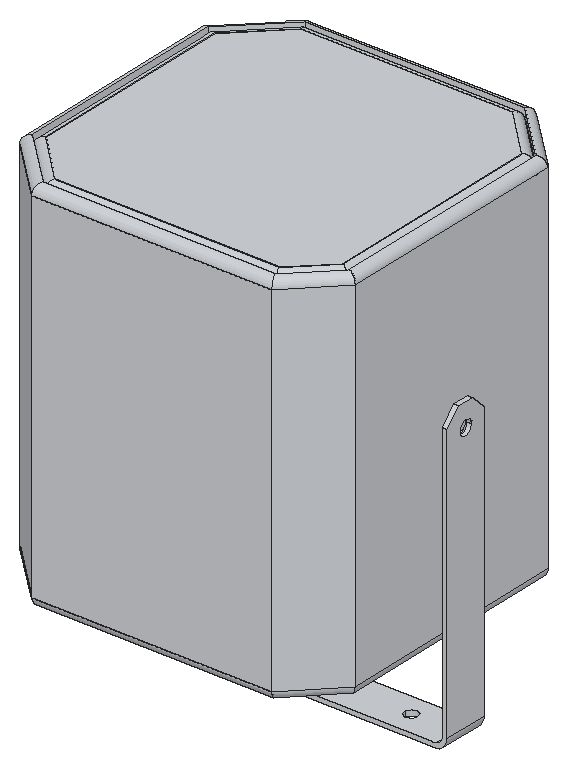
Revit family "1 SOUND_Cannon Series Clamp Mounted", category Communication Devices, host Face, Revit 2020
Family settings
  Host = Face
  Maintain Annotation Orientation = No
  Round Connector Dimension = Use Diameter
  Part Type = Normal
  Cut with Voids When Loaded = No
  Shared = No
  Room Calculation Point = No
Parameters (values of type "C5 with C-Clamp")
  Width - Overall = 200.00 mm
  Width - Mounting Holes = 70.00 mm
  Weight = "9.4 lb / 4.3 kg"
  URL = "https://www.1-sound.com/cannon-coaxials"
  Speaker Type = 1 SOUND_Cannon_C5 : C5
  Speaker Mesh Finish [instance] = none
  Speaker Box Finish [instance] = none
  Category = "Speaker"  # constant formula
  Angle Limits [instance] = if(Angle Calculation < 0.00°, 0.00°, if(Angle Calculation > 180.00°, 180.00°, Angle Calculation))  # 90.00°
  Angle Calculation [instance] = 90.00° + (Angle)  # 90.00°
  Rigging = "(4) M6 points"  # constant formula
  Power = "240 watts (continuous), 120 watts (AES)"
  Model = "C5"
  Manufacturer = "1 SOUND"  # constant formula
  Impedance = "16Ω"
  Dimensions (HxWxD) = "7.5” (190 mm) x 7.5” (190 mm) x 8.2” (208 mm)"
  Depth - Overall = 167.00 mm
  Default Elevation = 2438.40 mm  # constant formula
  Construction = "Finland birch plywood (phenolic glue), polyurea, clear matte salt and UV resistant coating, 316 stainless steel hardware, 3D spacer mesh fabric"  # constant formula
  Connectors = "(2) NL4, 2-circuit switch"
  Bandwidth = "65 Hz - 18 kHz (-6 dB)"
  Angle [instance] = 0.00°
  Accessory Used = "C-Clamp; C5"
  Accessory Finish [instance] = none
Types (5, lengths in mm): name | Width - Overall | Width - Mounting Holes | Weight | Speaker Type | Angle Limits | Angle Calculation | Power | Model | Impedance | Dimensions (HxWxD) | Depth - Overall | Connectors | Bandwidth | Angle | Accessory Used
  C5 with C-Clamp | 200.00 | 70.00 | "9.4 lb / 4.3 kg" | 1 SOUND_Cannon_C5 : C5 | 90.00° | 90.00° | "240 watts (continuous), 120 watts (AES)" | "C5" | "16Ω" | "7.5” (190 mm) x 7.5” (190 mm) x 8.2” (208 mm)" | 167.00 | "(2) NL4, 2-circuit switch" | "65 Hz - 18 kHz (-6 dB)" | 0.00° | "C-Clamp; C5"
  C6i with C-Clamp | 225.00 | 70.00 | "10.6 lb / 4.8 kg" | 1 SOUND_Cannon_C6 : C6i | 135.00° | 135.00° | "240 watts (continuous), 120 watts (AES)" | "C6i" | "16Ω" | "8.5” (216 mm) x 8.5” (216 mm) x 8.2” (208 mm)" | 172.70 | "(1) screw terminal block with input +/- and loop +/-" | "60 Hz - 18 kHz (-6 dB)" | 45.00° | "C-Clamp; C6"
  C6 with C-Clamp | 225.00 | 70.00 | "10.6 lb / 4.8 kg" | 1 SOUND_Cannon_C6 : C6 | 90.00° | 90.00° | "240 watts (continuous), 120 watts (AES)" | "C6" | "16Ω" | "8.5” (216 mm) x 8.5” (216 mm) x 8.2” (208 mm)" | 172.70 | "(2) NL4, 2-circuit switch" | "60 Hz - 18 kHz (-6 dB)" | 0.00° | "C-Clamp; C6"
  C5i with C-Clamp | 200.00 | 70.00 | "9.4 lb / 4.3 kg" | 1 SOUND_Cannon_C5 : C5i | 90.00° | 90.00° | "240 watts (continuous), 120 watts (AES)" | "C5i" | "16Ω" | "7.5” (190 mm) x 7.5” (190 mm) x 8.2” (208 mm)" | 167.00 | "(1) screw terminal block with input +/- and loop +/-" | "65 Hz - 18 kHz (-6 dB)" | 0.00° | "C-Clamp; C5"
  C4i with C-Clamp | 160.00 | 52.50 | "5.1 lb / 2.3 kg" | 1 SOUND_Cannon_C4i : C4i | 90.00° | 90.00° | "200 watts (continuous), 100 watts (AES)" | "C4i" | "8Ω" | "5.9” (150 mm) x 5.9” (150 mm) x 7” (180 mm)" | 145.00 | "(1) screw terminal block with input +/- and loop +/-" | "100 Hz - 18 kHz (-6 dB)" | 0.00° | "C-Clamp; C4i"
Reference planes
  plane 1 "Center (Front/Back)": y = 0
  plane 2: z = 0
  plane 3 "Center (Left/Right)": x = 0
  plane 4: x = -100
  plane 5: x = 100
  plane 6: z = 167
  plane 7: z = 144
  plane 8: x = -70
  plane 9: x = 70
  plane 10: z = 154.3
Forms (mm)
  Extrusion 1, solid, material <- "Accessory Finish"
    sketch origin (0, 0, 0) x (1, 0, 0) y (0, 0, 1)
      loop
        line (-100, 144) -> (-100, 6.5)
        arc (-100, 6.5) -> (-98.096, 1.904) -> (-93.5, 0) r 6.5
        line (-93.5, 0) -> (93.5, 0)
        arc (93.5, 0) -> (98.096, 1.904) -> (100, 6.5) r 6.5
        line (100, 6.5) -> (100, 144) -> (97.5, 144) -> (97.5, 6.5)
        arc (97.5, 6.5) -> (96.328, 3.672) -> (93.5, 2.5) r 4
        line (93.5, 2.5) -> (-93.5, 2.5)
        arc (-93.5, 2.5) -> (-96.328, 3.672) -> (-97.5, 6.5) r 4
        line (-97.5, 6.5) -> (-97.5, 144) -> (-100, 144)
    from -12.7 to 12.7
  Extrusion 2, solid, material <- "Accessory Finish"
    sketch origin (0, 0, 0) x (0, 1, 0) y (0, 0, 1)
      loop
        line (12.7, 159) -> (4.7, 167) -> (-4.7, 167) -> (-12.7, 159) -> (-12.7, 144) -> (12.7, 144) -> (12.7, 159)
      loop
        circle (0, 154.3) r 4.22
    from -100 to -97.5
  Extrusion 3, solid, material <- "Accessory Finish"
    sketch origin (0, 0, 0) x (0, 1, 0) y (0, 0, -1)
      loop
        line (12.7, -159) -> (12.7, -144) -> (-12.7, -144) -> (-12.7, -159) -> (-4.7, -167) -> (4.7, -167) -> (12.7, -159)
      loop
        circle (0, -154.3) r 4.22
    from -100 to -97.5
  Revolve 4, solid, material <- "Accessory Finish"
    sketch origin (0, 0, 0) x (1, 0, 0) y (0, 0, 1)
      loop
        line (0, -0.548) -> (6.35, -0.548) -> (6.35, 2.5) -> (7.234, 2.5) -> (7.234, 8.442) -> (6.35, 9.326) -> (4.853, 9.326) -> (3.969, 8.442) -> (3.969, 2.5) -> (0, 2.5) -> (0, -0.548)
      axis (0, -0.548) -> (0, 9.326)
    angle from 0 to 360
  Extrusion 5, void
    sketch origin (0, 0, 0) x (1, 0, 0) y (0, 1, 0)
      loop
        circle (-70, 0) r 3.6
    from 0 to 2.5
  Extrusion 6, void
    sketch origin (0, 0, 0) x (1, 0, 0) y (0, 1, 0)
      loop
        circle (70, 0) r 3.6
    from 0 to 2.5
Cuts and joins
  Extrusion 5, Extrusion 6 cuts Extrusion 1
  Extrusion 5, Extrusion 6 cuts Extrusion 2
  Extrusion 5, Extrusion 6 cuts Extrusion 3
  joined: Extrusion 1, Extrusion 2, Extrusion 3
Lines and regions (mm)
  reference lines
    curve 1: line (0, 0, 154.3) -> (0, 0, 243.246)
Dimensions and locks
  equal spacing: plane 4, plane 3 "Center (Left/Right)", plane 5
  "Width - Overall": plane 4 to plane 5
  "Depth - Overall": plane 6 to host face
  locked: plane 6 to plane 7 at 23
  locked: plane 4 to cut or joined group of Extrusion 1, Extrusion 2, Extrusion 3, Extrusion 5, Extrusion 6 at 2.5
  locked: cut or joined group of Extrusion 1, Extrusion 2, Extrusion 3, Extrusion 5, Extrusion 6 to plane 5 at 2.5
  equal spacing: plane 8, plane 3 "Center (Left/Right)", plane 9
  "Width - Mounting Holes": plane 8 to plane 3 "Center (Left/Right)"
  "Width - Mounting Holes": plane 3 "Center (Left/Right)" to plane 9
  locked: plane 6 to plane 10 at 12.7
  "Angle Limits": angle curve 1 to plane 10
  aligned and locked: plane 2 to host face
  aligned and locked: level to host face
  aligned and locked: Extrusion 1 sketch curve to plane 7
  aligned and locked: plane 7 to Extrusion 1 sketch curve
  aligned and locked: plane 6 to Extrusion 2 sketch curve
  aligned and locked: Extrusion 2 sketch curve to plane 7
  aligned and locked: Extrusion 3 sketch curve to plane 6
  aligned and locked: plane 7 to Extrusion 3 sketch curve
  aligned and locked: plane 4 to Extrusion 2
  aligned and locked: Extrusion 3 to plane 5
  aligned and locked: Extrusion 1 to Extrusion 2
  aligned and locked: curve 1 to nested 1
  aligned and locked: plane 1 "Center (Front/Back)" to curve 1
  aligned and locked: plane 10 to curve 1
Automatic sketch dimensions
  host sketch curve to host sketch curve = 2438.40 mm  (x2)
  Extrusion 1 sketch curve to Extrusion 1 sketch curve = 0.00 mm  (x4)
  plane 4 to Extrusion 1 sketch curve = 0.00 mm
  Extrusion 1 sketch curve to level = 0.00 mm
  plane 5 to Extrusion 1 sketch curve = 0.00 mm
  Extrusion 1 sketch curve to Extrusion 1 sketch curve = 2.50 mm
  Extrusion 1 sketch curve to Extrusion 1 sketch curve = 4.00 mm
  plane 5 to Extrusion 1 sketch curve = 6.50 mm
  Extrusion 2 sketch curve to plane 1 "Center (Front/Back)" = 0.00 mm
  plane 1 "Center (Front/Back)" to Extrusion 2 sketch curve = 4.70 mm
  Extrusion 2 sketch curve to Extrusion 2 sketch curve = 8.00 mm
  Extrusion 2 sketch curve to plane 1 "Center (Front/Back)" = 4.70 mm
  Extrusion 2 sketch curve to plane 1 "Center (Front/Back)" = 12.70 mm
  plane 7 to Extrusion 2 sketch curve = 10.30 mm
  Extrusion 2 sketch curve to plane 6 = 8.00 mm  (x2)
  Extrusion 3 sketch curve to plane 1 "Center (Front/Back)" = 0.00 mm
  plane 1 "Center (Front/Back)" to Extrusion 3 sketch curve = 4.70 mm
  Extrusion 3 sketch curve to Extrusion 3 sketch curve = 8.00 mm
  Extrusion 3 sketch curve to plane 1 "Center (Front/Back)" = 4.70 mm
  Extrusion 3 sketch curve to plane 1 "Center (Front/Back)" = 12.70 mm
  Extrusion 3 sketch curve to plane 6 = 8.00 mm  (x2)
  plane 7 to Extrusion 3 sketch curve = 10.30 mm
  Revolve 4 sketch curve to plane 3 "Center (Left/Right)" = 0.00 mm  (x2)
  Revolve 4 sketch curve to Revolve 4 sketch curve = 0.884 mm  (x5)
  Revolve 4 sketch curve to level = 0.548 mm
  level to Revolve 4 sketch curve = 2.50 mm
  Revolve 4 sketch curve to Revolve 4 sketch curve = 0.00 mm  (x3)
  Revolve 4 sketch curve to Revolve 4 sketch curve = 5.942 mm
  plane 3 "Center (Left/Right)" to Revolve 4 sketch curve = 3.969 mm
  Revolve 4 sketch curve to Revolve 4 sketch curve = 2.381 mm
  plane 1 "Center (Front/Back)" to Extrusion 5 sketch curve = 0.00 mm
  Extrusion 5 sketch curve to plane 8 = 0.00 mm
  plane 1 "Center (Front/Back)" to Extrusion 6 sketch curve = 0.00 mm
  Extrusion 6 sketch curve to plane 9 = 0.00 mm
  radius of Extrusion 2 sketch curve = 4.22 mm
  radius of Extrusion 3 sketch curve = 4.22 mm
  radius of Extrusion 5 sketch curve = 3.60 mm
  radius of Extrusion 6 sketch curve = 3.60 mm
Nested families
  nested 1: "1 SOUND_Cannon_C5" at (8.925, -95, 258.3) x (1, 0, 0) z (0, 1, 0), type <- "Speaker Type", Speaker Box Finish <- "Speaker Box Finish", Speaker Mesh Finish <- "Speaker Mesh Finish", type "C5"
    with Speaker Mesh Finish none, Speaker Box Finish none, Origin Plane 95.00 mm, Origin Is Centered no, Connector - Screw Terminal Block no, Connector - NL4 yes
  nested 2: "1 SOUND_Cannon_C-Clamp Screw" at (95, 0, 145.375) x (0, 0, -1) z (0, 1, 0), type "C-Clamp Screw"
  nested 3: "1 SOUND_Cannon_C-Clamp Screw" at (-95, 0, 145.375) x (0, 0, -1) z (0, 1, 0), type "C-Clamp Screw"
Definition of nested family "1 SOUND_Cannon_C5"
  Parameters (values of type "Cannon C5i")
    Width - Overall = 190.00 mm
    Weight = "9.4 lb / 4.3 kg"
    URL = "https://www.1-sound.com/cannon-coaxials"
    Speaker Mesh Finish [instance] = none
    Speaker Box Finish [instance] = none
    Rigging = "(4) M6 points"  # constant formula
    Power = "240 watts (continuous), 120 watts (AES)"
    Origin Plane [instance] = if(Origin Is Centered, 0.00 mm, (Height Overall / 2))  # 95.00 mm
    Origin Is Centered [instance] = no
    Model = "C5i"
    Manufacturer = "1 Sound"  # constant formula
    Impedance = "16Ω"
    Height Overall = 190.00 mm
    Dimensions (HxWxD) = "7.5” (190 mm) x 7.5” (190 mm) x 8.2” (208 mm)"
    Depth - Overall = 208.00 mm
    Default Elevation = 1219.20 mm
    Construction = "Finland birch plywood (phenolic glue), polyurea, clear matte salt and UV resistant coating, 316 stainless steel hardware, 3D spacer mesh fabric"  # constant formula
    Connectors = "(1) screw terminal block with input +/- and loop +/-"
    Connector - Screw Terminal Block = yes
    Connector - NL4 = no
    Bandwidth = "65 Hz - 18 kHz (-6 dB)"
  Types (3, lengths in mm): name | Origin Plane | Origin Is Centered | Model | Connectors | Connector - Screw Terminal Block | Connector - NL4
    (no name) | 95.00 | no | "C5i" | "(1) screw terminal block with input +/- and loop +/-" | yes | no
    Cannon C5 | 0.00 | yes | "C5" | "(2) NL4, 2-circuit switch" | no | yes
    Cannon C5i | 95.00 | no | "C5i" | "(1) screw terminal block with input +/- and loop +/-" | yes | no
  Reference planes
    plane 1 "Center (Front/Back)": y = 0
    plane 2: z = 0
    plane 3 "Center (Left/Right)": x = -8.925
    plane 4 "Speaker Depth": y = 208
    plane 5: z = 190
    plane 6: x = 86.075
    plane 7: x = -103.925
    plane 8: z = 95
    plane 9: y = 104
    plane 10: x = -53.925
    plane 11: z = 0
  Forms (mm)
    Sweep 1, solid, material <- "Speaker Box Finish"
      path origin (0, 0, 107) x (1, 0, 0) y (0, 0, 1)
        loop
          line (-69.469, 78) -> (-98.925, 48.544) -> (-98.925, -72.544) -> (-69.469, -102) -> (58.576, -102) -> (81.075, -79.501) -> (81.075, 48.544) -> (51.619, 78) -> (-69.469, 78)
      profile origin (-8.925, 0, 185) x (0, 0, 1) y (0, -1, 0)
        loop
          arc (5, -5) -> (3.536, -1.464) -> (0, 0) r 5
          line (0, 0) -> (0, -5) -> (5, -5)
    Sweep 2, solid, material <- "Speaker Mesh Finish"
      path origin (761.008, 109, -738.704) x (1, 0, 0) y (0, 0, -1)
        loop
          line (-711.667, -918.204) -> (-685.433, -891.97) -> (-685.433, -768.481) -> (-704.71, -749.204) -> (-828.199, -749.204) -> (-854.433, -775.438) -> (-854.433, -891.97) -> (-828.199, -918.204) -> (-711.667, -918.204)
      profile origin (-8.925, 109, 179.5) x (0, 0, 1) y (0, 1, 0)
        loop
          line (5, -104) -> (0, -104) -> (0, -109)
          arc (0, -109) -> (3.536, -107.536) -> (5, -104) r 5
    Sweep 3, solid, material <- "Speaker Box Finish"
      path origin (0, 208, 107) x (-1, 0, 0) y (0, 0, 1)
        loop
          line (69.469, 78) -> (-51.619, 78) -> (-81.075, 48.544) -> (-81.075, -79.501) -> (-58.576, -102) -> (69.469, -102) -> (98.925, -72.544) -> (98.925, 48.544) -> (69.469, 78)
      profile origin (-8.925, 208, 185) x (0, 0, -1) y (0, 1, 0)
        loop
          line (-5, -5) -> (0, -5) -> (0, 0)
          arc (0, 0) -> (-3.536, -1.464) -> (-5, -5) r 5
    Extrusion 4, solid, material <- "Speaker Box Finish"
      sketch origin (0, 0, -151793) x (1, 0, 0) y (0, 0, 1)
        loop
          line (53.69, 151983) -> (-71.54, 151983) -> (-103.925, 151950.615) -> (-103.925, 151825.385) -> (-71.54, 151793) -> (60.647, 151793) -> (86.075, 151818.428) -> (86.075, 151950.615) -> (53.69, 151983)
      from -203.02 to -5
    Extrusion 5, solid, material <- "Speaker Mesh Finish"
      sketch origin (0, 0, 0) x (1, 0, 0) y (0, 0, 1)
        loop
          line (-93.425, 153.266) -> (-93.425, 36.734) -> (-67.191, 10.5) -> (56.298, 10.5) -> (75.575, 29.777) -> (75.575, 153.266) -> (49.341, 179.5) -> (-67.191, 179.5) -> (-93.425, 153.266)
      from 0 to -5
    Extrusion 6, void
      sketch origin (0, 5, 0) x (1, 0, 0) y (0, 0, 1)
        loop
          line (-98.925, 155.544) -> (-98.925, 34.456) -> (-69.469, 5) -> (58.576, 5) -> (81.075, 27.499) -> (81.075, 155.544) -> (51.619, 185) -> (-69.469, 185) -> (-98.925, 155.544)
      from 0 to -5
    Extrusion 7, solid
      sketch origin (0, 5, 0) x (1, 0, 0) y (0, 0, 1)
        loop
          line (-98.925, 155.544) -> (-98.925, 34.456) -> (-69.469, 5) -> (51.619, 5) -> (81.075, 34.456) -> (81.075, 155.544) -> (51.619, 185) -> (-69.469, 185) -> (-98.925, 155.544)
      from 0 to -5
    Sweep 8, solid, material <- "Speaker Mesh Finish"
      path origin (0, 208, 0) x (-1, 0, 0) y (0, 0, 1)
        loop
          line (53.925, 179.5) -> (-49.341, 179.5) -> (-75.575, 153.266) -> (-75.575, 29.777) -> (-56.298, 10.5) -> (53.925, 10.5) -> (53.925, 179.5)
      profile origin (-2.292, 208, 179.5) x (0, 0, -1) y (0, 1, 0)
        loop
          line (-4.999, -5) -> (0.001, -5) -> (0.001, 0)
          arc (0.001, 0) -> (-3.535, -1.464) -> (-4.999, -5) r 5
    Extrusion 9, solid, material <- "Speaker Mesh Finish"
      sketch origin (0, 208, 0) x (-1, 0, 0) y (0, 0, 1)
        loop
          line (-49.341, 179.499) -> (-75.574, 153.266) -> (-75.574, 29.777) -> (-56.298, 10.501) -> (53.924, 10.501) -> (53.924, 179.499) -> (-49.341, 179.499)
      from -4.98 to 0
    Extrusion 10, void
      sketch origin (0, 208, 0) x (-1, 0, 0) y (0, 0, 1)
        loop
          line (-51.412, 184.499) -> (-80.574, 155.337) -> (-80.574, 27.706) -> (-58.369, 5.501) -> (58.924, 5.501) -> (58.924, 184.499) -> (-51.412, 184.499)
      from -9.96 to -4.98
    Extrusion 11, solid
      sketch origin (0, 208, 0) x (-1, 0, 0) y (0, 0, 1)
        loop
          line (58.924, 184.499) -> (-51.412, 184.499) -> (-80.574, 155.337) -> (-80.574, 27.706) -> (-58.369, 5.501) -> (58.924, 5.501) -> (58.924, 184.499)
      from -9.96 to -4.98
    Extrusion 12, void
      sketch origin (-8.925, 0, 0) x (0, 1, 0) y (0, 0, 1)
        loop
          circle (104, 95) r 6.855
      from -152.596 to 138.234
  Cuts and joins
    Extrusion 6, Extrusion 10, Extrusion 12 cuts Extrusion 4
  Dimensions and locks
    "Depth - Overall": plane 1 "Center (Front/Back)" to plane 4 "Speaker Depth"
    "Height Overall": plane 5 to plane 2
    equal spacing: plane 6, plane 3 "Center (Left/Right)", plane 7
    "Width - Overall": plane 6 to plane 7
    Sweep 1 sketch curve to plane 5 = 5.00 mm
    Extrusion 4 to Sweep 1 sketch curve = 5.00 mm  (x4)
    Sweep 1 sketch curve to plane 7 = 5.00 mm
    Sweep 1 sketch curve to level = 5.00 mm
    Sweep 1 sketch curve to plane 6 = 5.00 mm
    Sweep 3 sketch curve to plane 5 = 5.00 mm
    Extrusion 4 to Sweep 3 sketch curve = 5.00 mm  (x4)
    equal spacing: plane 6, Sweep 3 sketch curve, Sweep 3 sketch curve
    equal spacing: level, Sweep 3 sketch curve, Sweep 3 sketch curve
    plane 7 to Sweep 3 sketch curve = 5.00 mm
    Sweep 2 sketch curve to level = 10.50 mm
    Extrusion 4 to Sweep 2 sketch curve = 10.50 mm  (x5)
    Sweep 2 sketch curve to plane 5 = 10.50 mm
    Sweep 2 sketch curve to plane 6 = 10.50 mm
    equal spacing: plane 5, plane 8, level
    equal spacing: plane 1 "Center (Front/Back)", plane 9, plane 4 "Speaker Depth"
    "Origin Plane": plane 11 to plane 8
    aligned and locked: plane 2 to level
    aligned and locked: plane 4 "Speaker Depth" to Sweep 3
    aligned and locked: plane 1 "Center (Front/Back)" to Sweep 2
    aligned and locked: plane 7 to Extrusion 4 sketch curve
    aligned and locked: plane 5 to Extrusion 4 sketch curve
    aligned and locked: plane 6 to Extrusion 4 sketch curve
    aligned and locked: Extrusion 4 sketch curve to level
    aligned and locked: Extrusion 5 sketch curve to Sweep 2  (x8)
    aligned and locked: Sweep 1 to Extrusion 6 sketch curve
    aligned and locked: Extrusion 6 sketch curve to Sweep 1  (x7)
    aligned and locked: Extrusion 5 to Sweep 8 sketch curve
    aligned and locked: Sweep 8 sketch curve to Extrusion 5  (x4)
    aligned and locked: Extrusion 9 sketch curve to Sweep 8  (x6)
    aligned and locked: plane 4 "Speaker Depth" to Extrusion 9
    aligned and locked: Extrusion 10 sketch curve to Sweep 8  (x6)
    aligned and locked: Extrusion 11 sketch curve to cut or joined group of Extrusion 4, Extrusion 6, Extrusion 10, Extrusion 12  (x6)
    aligned and locked: nested 2 to plane 8
    aligned and locked: Extrusion 12 sketch curve to nested 2  (x2)
    aligned and locked: plane 9 to nested 2
    aligned and locked: plane 6 to nested 2
    aligned and locked: nested 3 to plane 9
    aligned and locked: plane 8 to nested 3
    aligned and locked: plane 7 to nested 3
    aligned and locked: plane 10 to Sweep 8 sketch curve
  Automatic sketch dimensions
    profile plane to Sweep 1 sketch curve = 0.00 mm
    Sweep 1 sketch curve to plane 1 "Center (Front/Back)" = 0.00 mm
    Sweep 1 sketch curve to plane 1 "Center (Front/Back)" = 5.00 mm
    profile plane to Sweep 2 sketch curve = 0.00 mm
    Sweep 2 sketch curve to Sweep 2 sketch curve = 5.00 mm
    Sweep 2 sketch curve to profile plane = 109.00 mm
    Sweep 3 sketch curve to plane 6 = 5.00 mm
    level to Sweep 3 sketch curve = 5.00 mm
    Sweep 3 sketch curve to plane 4 "Speaker Depth" = 0.00 mm
    Sweep 3 sketch curve to profile plane = 0.00 mm
    Sweep 3 sketch curve to Sweep 3 sketch curve = 5.00 mm
    Extrusion 4 sketch curve to plane 6 = 25.428 mm
    Extrusion 4 sketch curve to plane 6 = 32.385 mm
    level to Extrusion 4 sketch curve = 25.428 mm
    level to Extrusion 4 sketch curve = 32.385 mm
    Extrusion 4 sketch curve to plane 5 = 32.385 mm  (x2)
    plane 7 to Extrusion 7 sketch curve = 5.00 mm
    Extrusion 7 sketch curve to plane 5 = 5.00 mm
    level to Extrusion 7 sketch curve = 5.00 mm
    Extrusion 7 sketch curve to plane 6 = 34.456 mm  (x2)
    Extrusion 7 sketch curve to plane 6 = 5.00 mm
    level to Extrusion 7 sketch curve = 34.456 mm  (x2)
    Extrusion 7 sketch curve to plane 5 = 34.456 mm  (x2)
    Sweep 8 sketch curve to plane 4 "Speaker Depth" = 0.00 mm
    profile plane to Sweep 8 sketch curve = 4.999 mm
    Sweep 8 sketch curve to profile plane = 0.001 mm
    plane 7 to Extrusion 4 sketch curve = 32.385 mm  (x2)
    plane 7 to Extrusion 7 sketch curve = 34.456 mm  (x2)
  Nested families
    nested 1: "1 Sound_Speaker_Cannon_Connections_NL4_Non-Face Based" at (10, 204.02, -12), visible <- "Connector - NL4", Connector - NL4 <- "Connector - NL4", type "1 Sound_Speaker_Cannon_Connections_NL4_Non-Face Based"
      with Connector - NL4 no
    nested 2: "1 SOUND_Cannon_C-Clamp Screw" at (86.075, 112.925, 95) x (0, 1, 0) z (0, 0, 1), type "C-Clamp Screw"
    nested 3: "1 SOUND_Cannon_C-Clamp Screw" at (-103.925, 112.925, 95) x (0, 1, 0) z (0, 0, 1), type "C-Clamp Screw"
    nested 4: "1 Sound_Speaker_Cannon_Connections_Screw Terminal Block_Non-Face Based" at (9.607, 203.52, -34.535), visible <- "Connector - Screw Terminal Block", Connector - Screw Terminal Block <- "Connector - Screw Terminal Block", type "1 Sound_Speaker_Cannon_Connections_Screw Terminal Block_Non-Face Based"
      with Connector - Screw Terminal Block yes
  Definition of nested family "1 SOUND_Cannon_C-Clamp Screw"
    Parameters (values of type "1 Sound_Hardware_C-Clamp Screw_Non-Face Based")
      Weight = ""
      Rigging = ""
      Power = ""
      Impedance = ""
      Dimensions (HxWxD) = ""
      Default Elevation = 1219.20 mm
      Construction = ""
      Connectors = ""
      Bandwidth = ""
    Reference planes
      plane 1 "Center (Front/Back)": y = 0
      plane 2: z = 0
      plane 3 "Center (Left/Right)": x = -8.925
    Forms (mm)
      Extrusion 1, solid
        sketch origin (-379.453, 0, -3.595) x (1, 0, 0) y (0, 0, 1)
          loop
            circle (370.528, 3.595) r 5.85
        from 0 to -7
      Extrusion 2, void
        sketch origin (-379.453, 0, -3.595) x (1, 0, 0) y (0, 0, 1)
          loop
            line (371.936, 1.764) -> (372.818, 3.899) -> (371.41, 5.73) -> (369.121, 5.426) -> (368.239, 3.292) -> (369.646, 1.461) -> (371.936, 1.764)
        from 0 to -3
    Cuts and joins
      Extrusion 2 cuts Extrusion 1
    Lines and regions (mm)
      reference lines
        curve 1: line (-8.925, 0, 13.636) -> (-8.925, 0, -16.364)
        curve 2: line (10.534, 0, 0) -> (-29.957, 0, 0)
      model lines
        curve 3: arc (-2.07, 0, 0) -> (-8.925, 0, 6.855) -> (-15.78, 0, 0) r 6.855
        curve 4: arc (-15.78, 0, 0) -> (-8.925, 0, -6.855) -> (-2.07, 0, 0) r 6.855
    Dimensions and locks
      aligned and locked: plane 2 to level
  Definition of nested family "1 Sound_Speaker_Cannon_Connections_Screw Terminal Block_Non-Face Based"
    Parameters (values of type "1 Sound_Speaker_Cannon_Connections_Screw Terminal Block_Non-Face Based")
      Default Elevation = 1219.20 mm
      Connector - Screw Terminal Block [instance] = yes
    Reference planes
      plane 1 "Center (Front/Back)": y = 0
      plane 2: z = 0
      plane 3 "Center (Left/Right)": x = -8.925
    Forms (mm)
      Extrusion 1, solid, visible <- "Connector - Screw Terminal Block"
        sketch origin (-9.277, -1.542, 68.918) x (-1, 0, 0) y (0, 0, 1)
          loop
            circle (79.148, 110.582) r 4.59
        from 1.842 to 1.042
      Extrusion 2, void
        sketch origin (-9.277, 1.246, 68.918) x (-1, 0, 0) y (0, 0, 1)
          loop
            line (77.898, 111.303) -> (77.898, 109.86) -> (79.148, 109.138) -> (80.398, 109.86) -> (80.398, 111.303) -> (79.148, 112.025) -> (77.898, 111.303)
        from -1.246 to -0.429
      Extrusion 3, solid, visible <- "Connector - Screw Terminal Block"
        sketch origin (-12.95, -1.542, 39.01) x (-1, 0, 0) y (0, 0, 1)
          loop
            circle (79.148, 110.582) r 4.59
        from 1.842 to 1.042
      Extrusion 4, void
        sketch origin (-12.95, 1.246, 39.01) x (-1, 0, 0) y (0, 0, 1)
          loop
            line (77.898, 111.303) -> (77.898, 109.86) -> (79.148, 109.138) -> (80.398, 109.86) -> (80.398, 111.303) -> (79.148, 112.025) -> (77.898, 111.303)
        from -1.246 to -0.429
      Extrusion 5, solid, visible <- "Connector - Screw Terminal Block"
        sketch origin (-9.167, -1.542, -31.013) x (-1, 0, 0) y (0, 0, 1)
          loop
            circle (79.148, 110.582) r 4.59
        from 1.842 to 1.042
      Extrusion 6, void
        sketch origin (-9.167, 1.246, -31.013) x (-1, 0, 0) y (0, 0, 1)
          loop
            line (77.898, 111.303) -> (77.898, 109.86) -> (79.148, 109.138) -> (80.398, 109.86) -> (80.398, 111.303) -> (79.148, 112.025) -> (77.898, 111.303)
        from -1.246 to -0.429
      Extrusion 7, solid, visible <- "Connector - Screw Terminal Block"
        sketch origin (-6.51, -1.542, -14.236) x (-1, 0, 0) y (0, 0, 1)
          loop
            line (81.822, 146.615) -> (81.822, 110.815) -> (95.022, 110.815) -> (95.022, 146.615) -> (81.822, 146.615)
        from 2.5 to 1.042
      Extrusion 8, solid, visible <- "Connector - Screw Terminal Block"
        sketch origin (-6.51, -1.542, -14.236) x (-1, 0, 0) y (0, 0, 1)
          loop
            line (82.922, 103.915) -> (93.922, 103.915)
            arc (93.922, 103.915) -> (94.276, 104.062) -> (94.422, 104.415) r 0.5
            line (94.422, 104.415) -> (94.422, 153.015)
            arc (94.422, 153.015) -> (94.276, 153.369) -> (93.922, 153.515) r 0.5
            line (93.922, 153.515) -> (82.922, 153.515)
            arc (82.922, 153.515) -> (82.569, 153.369) -> (82.422, 153.015) r 0.5
            line (82.422, 153.015) -> (82.422, 104.415)
            arc (82.422, 104.415) -> (82.569, 104.062) -> (82.922, 103.915) r 0.5
        from 1.842 to 1.042
      Extrusion 9, void
        sketch origin (-16.642, 2.046, -22.415) x (-1, 0, 0) y (0, 0, 1)
          loop
            line (79.57, 117.008) -> (78.29, 117.747) -> (77.01, 117.008) -> (77.01, 115.53) -> (78.29, 114.791) -> (79.57, 115.53) -> (79.57, 117.008)
        from -1.246 to -0.429
      Extrusion 10, solid, visible <- "Connector - Screw Terminal Block"
        sketch origin (-17.3, -0.742, -21.322) x (-1, 0, 0) y (0, 0, 1)
          loop
            circle (77.632, 115.176) r 2.6
        from 1.842 to 1.042
      Extrusion 11, void
        sketch origin (-16.642, 2.046, 251.373) x (-1, 0, 0) y (0, 0, 1)
          loop
            line (79.57, -117.008) -> (79.57, -115.53) -> (78.29, -114.791) -> (77.01, -115.53) -> (77.01, -117.008) -> (78.29, -117.747) -> (79.57, -117.008)
        from -1.246 to -0.429
      Extrusion 12, solid, visible <- "Connector - Screw Terminal Block"
        sketch origin (-17.3, -0.742, 250.28) x (-1, 0, 0) y (0, 0, 1)
          loop
            circle (77.632, -115.176) r 2.6
        from 1.842 to 1.042
    Cuts and joins
      Extrusion 2, Extrusion 4 cuts Extrusion 1
      Extrusion 4, Extrusion 6 cuts Extrusion 3
      Extrusion 6 cuts Extrusion 5
      Extrusion 9, Extrusion 11 cuts Extrusion 10
      Extrusion 11 cuts Extrusion 12
    Lines and regions (mm)
      reference lines
        curve 1: line (-88.61, 208, 231.433) -> (-88.61, 208, -23.567)
        curve 2: line (-35.611, 208, 129.535) -> (-165.611, 208, 129.535)
    Dimensions and locks
      aligned and locked: plane 2 to level
Definition of nested family "1 SOUND_Cannon_C-Clamp Screw"
  Parameters (values of type "1 Sound_Hardware_C-Clamp Screw_Non-Face Based")
    Weight = ""
    Rigging = ""
    Power = ""
    Impedance = ""
    Dimensions (HxWxD) = ""
    Default Elevation = 1219.20 mm
    Construction = ""
    Connectors = ""
    Bandwidth = ""
  Reference planes
    plane 1 "Center (Front/Back)": y = 0
    plane 2: z = 0
    plane 3 "Center (Left/Right)": x = -8.925
  Forms (mm)
    Extrusion 1, solid
      sketch origin (-379.453, 0, -3.595) x (1, 0, 0) y (0, 0, 1)
        loop
          circle (370.528, 3.595) r 5.85
      from 0 to -7
    Extrusion 2, void
      sketch origin (-379.453, 0, -3.595) x (1, 0, 0) y (0, 0, 1)
        loop
          line (371.936, 1.764) -> (372.818, 3.899) -> (371.41, 5.73) -> (369.121, 5.426) -> (368.239, 3.292) -> (369.646, 1.461) -> (371.936, 1.764)
      from 0 to -3
  Cuts and joins
    Extrusion 2 cuts Extrusion 1
  Lines and regions (mm)
    reference lines
      curve 1: line (-8.925, 0, 13.636) -> (-8.925, 0, -16.364)
      curve 2: line (10.534, 0, 0) -> (-29.957, 0, 0)
    model lines
      curve 3: arc (-2.07, 0, 0) -> (-8.925, 0, 6.855) -> (-15.78, 0, 0) r 6.855
      curve 4: arc (-15.78, 0, 0) -> (-8.925, 0, -6.855) -> (-2.07, 0, 0) r 6.855
  Dimensions and locks
    aligned and locked: plane 2 to level
